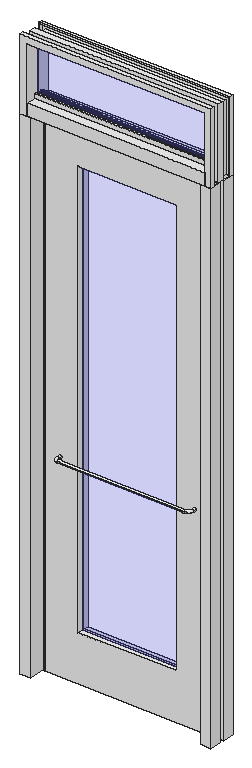
Revit family "kawneer-560_insulclad-sgl_tran-fr_20633", category Doors, host Wall, Revit 2015
Parameters
  Water - Static (ASTM E 331) = "product not tested"
  URL = "http://www.kawneer.com/kawneer/north_america/en/product.asp?prod_id=1821"
  Type of Glazing = "insulating"
  Type Comments = "Wide Stile Insulated Swing Door"
  Thermal Transmittance = "< 0.67 BTU/hr/sf/F"
  Sub Category3 = ""
  Sub Category2 = ""
  Sub Category1 = ""
  Sightline = 0"
  Short Description = "Wide Stile Insulated Swing Door"
  Product data url = "https://bimobject.com/kawneerna/product/20617"
  Panel Inserts Material = Glass
  Overall U-Factor = "product not tested"
  Model = "560 Insulclad®"
  Manufacturer Part Number = "560 Insulclad®"
  Manufacturer = "Kawneer"
  Keywords = "Entrance, Door, Swing Door, Thermally Broken Door"
  Hurricane Resistant Tested [instance] = "product not tested"
  Hinging Types = "Offset Pivot, Butt Hinge, Continuous Gear Hinge"
  Height = Door Panel Height + 12"  # 96"
  Wall Closure = By host
  Width = 32"
  Glazing Thickness = 0"
  Glass U-Factor = "product not tested"
  Glass Installtion = "outside"
  Glass Capture = "Captured"
  Function (Interior or Exterior) = "Exterior"
  Function = Interior
  Frame Material = Aluminum - ASTM B 221 - 6063-T6 alloy and temper
  Door Panel Width = Width - (1 3/4" * 2)  # 28 1/2"
  Door Panel Material = Aluminum - ASTM B 221 - 6063-T6 alloy and temper
  Door Panel Height = 84"
  Door Opening = Door Panel Width  # 28 1/2"
  Door Corner Construction = "Welded"
  Design Pressure = "n/a"
  Design Load = "n/a"
  Description = "The \"560 Insulclad\" is a narrow stile entrance door that is thermally broken and features the dual moment corner construction."
  Depth = 2"
  Color = "any"
  Cladding Type = "Aluminum - ASTM B 221 - 6063-T6 alloy and temper"
  CSI Masterformat Code = "08 41 13"
  Assembly Code = "B2030110"
  Application = "moderate traffic, thermal"
  Air Infiltration (ASTM E 283) = "< 0.50 cfm/ft2  @ 6.24 psf (300 Pa), Single Doors,"
  2-Color Option = "yes"
Reference planes
  plane 1 "Centre Wall": y = 0
  plane 2 "Center (Left/Right)": x = 0
  plane 3 "Left": x = -406.4
  plane 4 "Right": x = 406.4
  plane 5: z = 2438.4
  plane 6 "Exterior": y = 75
  plane 7 "Interior": y = -75
  plane 8: z = 2133.6
  plane 9: x = -377.825
  plane 10: x = 377.825
Forms (mm)
  Sweep 1, solid, material "Aluminum - ASTM B 221 - 6063-T6 alloy and temper" <- "Door Panel Material"
    path origin (0, 0, 50.8) x (1, 0, 0) y (0, 0, 1)
      loop
        line (377.825, 2133.6) -> (-377.825, 2133.6)
    profile "TLMidFrame : TLMidFrame" origin (0, 0, 2184.4) x (0, 0, -1) y (0, -1, 0)
      loop
        line (5, 52.15) -> (5, -52.15) -> (45.8, -52.15) -> (45.8, 52.15) -> (5, 52.15)
      loop
        arc (-13.041, -8.796) -> (-14.742, -11.787) -> (-17.973, -12.971) r 5
        line (-17.973, -12.971) -> (-17.973, -14.55) -> (0, -14.55) -> (0, -5.272)
        arc (0, -5.272) -> (-6.307, -7.826) -> (-13.041, -8.796) r 28.226
      loop
        arc (-17.973, 10.971) -> (-14.973, 7.971) -> (-17.973, 4.971) r 3
        line (-17.973, 4.971) -> (-17.973, 3)
        arc (-17.973, 3) -> (-14.756, 4.043) -> (-12.781, 6.788) r 5.429
        arc (-12.781, 6.788) -> (-6.143, 5.7) -> (0, 2.959) r 26.226
        line (0, 2.959) -> (0, -2.959)
        arc (0, -2.959) -> (-6.143, -5.7) -> (-12.781, -6.788) r 26.226
        arc (-12.781, -6.788) -> (-14.756, -4.043) -> (-17.973, -3) r 5.429
        line (-17.973, -3) -> (-17.973, -4.971)
        arc (-17.973, -4.971) -> (-14.973, -7.971) -> (-17.973, -10.971) r 3
        line (-17.973, -10.971) -> (-19.973, -10.971) -> (-19.973, -17.05) -> (0, -17.05) -> (0, -57.15) -> (50.8, -57.15) -> (50.8, -6.35) -> (60.8, -6.35) -> (60.8, -1.35) -> (50.8, -1.35) -> (50.8, 57.15) -> (0, 57.15) -> (0, 17.05) -> (-19.973, 17.05) -> (-19.973, 10.971) -> (-17.973, 10.971)
      loop
        arc (-17.973, 12.971) -> (-14.742, 11.787) -> (-13.041, 8.796) r 5
        arc (-13.041, 8.796) -> (-6.307, 7.826) -> (0, 5.272) r 28.226
        line (0, 5.272) -> (0, 14.55) -> (-17.973, 14.55) -> (-17.973, 12.971)
  Sweep 2, solid, material "Aluminum - ASTM B 221 - 6063-T6 alloy and temper" <- "Door Panel Material"
    path origin (0, 0, 0) x (1, 0, 0) y (0, 0, 1)
      loop
        line (-406.4, 2133.6) -> (-406.4, 2438.4) -> (406.4, 2438.4) -> (406.4, 2133.6)
    profile "TLTPFrame : TLTPFrame" origin (406.4, 0, 2286) x (1, 0, 0) y (0, -1, 0)
      loop
        line (-23.575, 11) -> (-23.575, 52.125) -> (-5, 52.125) -> (-5, 42.125) -> (0, 42.125) -> (0, 57.125) -> (-28.575, 57.125) -> (-28.575, 6) -> (-11.325, 6) -> (-11.325, -6) -> (-28.575, -6) -> (-28.575, -57.175) -> (0, -57.175) -> (0, -42.175) -> (-5, -42.175) -> (-5, -52.175) -> (-23.575, -52.175) -> (-23.575, -11) -> (-6.325, -11) -> (-6.325, 11) -> (-23.575, 11)
  Extrusion 3, solid, material "Glass" <- "Panel Inserts Material"
    sketch origin (0, 0, 0) x (1, 0, 0) y (0, 1, 0)
      loop
        line (-395.075, 6) -> (-395.075, -6) -> (395.075, -6) -> (395.075, 6) -> (-395.075, 6)
    from 2184.4 to 2427.075
  Sweep 4, solid, material "Aluminum - ASTM B 221 - 6063-T6 alloy and temper" <- "Frame Material"
    path origin (-5000, 0, 0) x (-1, 0, 0) y (0, 0, 1)
      loop
        line (-4593.6, 2133.6) -> (-4593.6, 0)
    profile "TF450Frame : TF450Frame" origin (-406.4, 0, 1066.8) x (-1, 0, 0) y (0, 1, 0)
      loop
        line (-54.5, 13.375) -> (-54.5, 8.375) -> (-44.5, 8.375) -> (-44.5, -57.125) -> (0, -57.125) -> (0, -12.125) -> (-17.25, -12.125) -> (-17.25, 12.125) -> (0, 12.125) -> (0, 57.175) -> (-44.5, 57.175) -> (-44.5, 13.375) -> (-54.5, 13.375)
      loop
        line (-5, 17.125) -> (-5, 52.175) -> (-39.5, 52.175) -> (-39.5, -52.125) -> (-5, -52.125) -> (-5, -17.125) -> (-22.25, -17.125) -> (-22.25, 17.125) -> (-5, 17.125)
  Sweep 5, solid, material "Aluminum - ASTM B 221 - 6063-T6 alloy and temper" <- "Frame Material"
    path origin (5000, 0, 0) x (1, 0, 0) y (0, 0, -1)
      loop
        line (-4593.6, -2133.6) -> (-4593.6, 0)
    profile "TF450Frame : TF450Frame" origin (406.4, 0, 1066.8) x (-1, 0, 0) y (0, 1, 0)
      loop
        line (54.5, 13.375) -> (44.5, 13.375) -> (44.5, 57.175) -> (0, 57.175) -> (0, 12.125) -> (17.25, 12.125) -> (17.25, -12.125) -> (0, -12.125) -> (0, -57.125) -> (44.5, -57.125) -> (44.5, 8.375) -> (54.5, 8.375) -> (54.5, 13.375)
      loop
        line (5, 17.125) -> (22.25, 17.125) -> (22.25, -17.125) -> (5, -17.125) -> (5, -52.125) -> (39.5, -52.125) -> (39.5, 52.175) -> (5, 52.175) -> (5, 17.125)
Lines and regions (mm)
  Opening 1
    outline origin (-3050, -75, 0) x (1, 0, 0) y (0, 0, 1)
      loop
        line (2643.6, 0) -> (3456.4, 0) -> (3456.4, 2438.4) -> (2643.6, 2438.4) -> (2643.6, 0)
  symbolic lines
    curve 1: line (-361.9, 781.075, 0) -> (-311.1, 781.075, 0)
    curve 2: line (-361.9, 57.175, 0) -> (-361.9, 781.075, 0)
    curve 3: line (-311.1, 57.175, 0) -> (-361.9, 57.175, 0)
    curve 4: line (-311.1, 781.075, 0) -> (-311.1, 57.175, 0)
    curve 5: arc (-311.1, 781.075, 0) -> (168.89, 552.022, 0) -> (363.78, 57.175, 0) r 725.68
Text (mm)
  text "Exterior" at (-2295.016, 1099.543, 0), in view "Ref. Level"
  text "Exterior" at (0, 1615.38, 3698.081), in view "Left"
  text "Exterior" at (0, 1036.032, 3874.932), in view "Right"
Dimensions and locks
  equal spacing: plane 3 "Left", plane 2 "Center (Left/Right)", plane 4 "Right"
  "Width": plane 3 "Left" to plane 4 "Right"
  "Height": plane 5 to host wall
  host wall to plane 5 = 96"
  "Door Panel Height": host wall to plane 8
  locked: plane 6 "Exterior" to host wall at 0
  locked: plane 7 "Interior" to host wall
  locked: plane 3 "Left" to plane 9 at 28.575
  locked: plane 10 to plane 4 "Right" at 28.575
  "Depth": curve 2 to curve 4
  "Door Panel Width": Sweep 4 to curve 1
  aligned and locked: plane 3 "Left" to Opening 1 sketch curve
  aligned and locked: plane 5 to Opening 1 sketch curve  (x2)
  aligned and locked: Opening 1 sketch curve to plane 4 "Right"
  aligned and locked: Opening 1 sketch curve to level
  aligned and locked: plane 1 "Centre Wall" to host wall
  aligned and locked: plane 10 to Sweep 1 sketch curve
  aligned and locked: plane 9 to Sweep 1 sketch curve
  aligned and locked: Sweep 1 to plane 8
  aligned and locked: nested 1 to plane 2 "Center (Left/Right)"
  aligned and locked: plane 4 "Right" to Sweep 2 sketch curve
  aligned and locked: plane 3 "Left" to Sweep 2 sketch curve
  aligned and locked: plane 5 to Sweep 2 sketch curve
  aligned and locked: plane 9 to Sweep 2
  aligned and locked: plane 10 to Sweep 2
  aligned and locked: Extrusion 3 sketch curve to Sweep 2  (x4)
  aligned and locked: Extrusion 3 to Sweep 2
  aligned and locked: Extrusion 3 to Sweep 1
  aligned and locked: plane 8 to Sweep 2 sketch curve  (x2)
  aligned and locked: plane 8 to Sweep 4 sketch curve
  aligned and locked: level to Sweep 4 sketch curve
  aligned and locked: plane 3 "Left" to Sweep 4 sketch curve
  aligned and locked: plane 4 "Right" to Sweep 5 sketch curve
  aligned and locked: plane 8 to Sweep 5 sketch curve
  aligned and locked: level to Sweep 5 sketch curve
  aligned and locked: curve 3 to Sweep 4
  aligned and locked: Sweep 4 to curve 2
  aligned and locked: curve 5 to nested 1
Automatic sketch dimensions
  plane 8 to Sweep 1 sketch curve = 2"
  curve 5 to curve 2 = 0"
Nested families
  nested 1: "Kawneer-560_Insulclad-Sgl" at (-310.356, -18.225, 0) x (-1, 0, 0) z (0, 0, 1), type "Kawneer-560_Insulclad-Sgl"
    with Width 28 1/2", Door Handle Width 22 1/2"
Definition of nested family "Kawneer-560_Insulclad-Sgl"
  Parameters
    Width = 32"
    Water - static (ASTM E 331) = ""
    Type of Glazing = ""
    Thermal transmittance = ""
    Sub Category3 = ""
    Sub Category2 = ""
    Sub Category1 = ""
    Short Description = ""
    Performance standards = ""
    Panel Inserts Material = none
    Overall U-Factor = ""
    Mfr Part Num = ""
    Manufacturer = "Kawneer"
    Keywords = ""
    Hurricane Resistant Tested = ""
    Hinging Types = ""
    Height = 84"
    Glass capture = ""
    Glass U-Factor = ""
    Glass Installtion = ""
    Function (Interior or Exterior) = ""
    Door Panel Material = none
    Door Hangle Material = none
    Door Hangle Height = 33 25/256"
    Door Handle Width = Width - (3" * 2)  # 26"
    Door Corner Construction = ""
    Design load = ""
    Design Pressure = ""
    Depth = 2"
    Color = ""
    Cladding Type = ""
    CSI Mastformat Code = ""
    Assembly Code = "B2030110"
    Application = ""
    Air Infiltration (ASTM E 283) = ""
    2-Color Option = ""
  Reference planes
    plane 1 "Center (Front/Back)": y = -50
    plane 2: z = 0
    plane 3 "Center (Left/Right)": x = -310.356
    plane 4: x = -716.756
    plane 5: x = 96.044
    plane 6: y = -24.6
    plane 7: y = -75.4
    plane 8: z = 2133.6
    plane 9: z = 840.68
    plane 10: x = -564.356
    plane 11: x = -56.356
    plane 12: x = -640.556
  Forms (mm)
    Extrusion 1, solid, material <- "Panel Inserts Material"
      sketch origin (0, 0, 0) x (1, 0, 0) y (0, 1, 0)
        loop
          line (-569.317, -44.582) -> (-569.317, -55.418) -> (-51.395, -55.418) -> (-51.395, -44.582) -> (-569.317, -44.582)
      from 191.889 to 1978.661
    Sweep 2, solid, material <- "Door Panel Material"
      path origin (0, -50, 0) x (1, 0, 0) y (0, 0, 1)
        loop
          line (-716.756, 2133.6) -> (-716.756, 0)
      profile "IC560 Side : IC560 Side" origin (-716.756, -50, 1066.8) x (1, 0, 0) y (0, -1, 0)
        loop
          line (122, -20.4) -> (122, 20.439) -> (4.961, 20.439) -> (4.961, -20.4) -> (122, -20.4)
        loop
          line (152.4, 25.4) -> (0, 25.4) -> (0, -25.4) -> (152.4, -25.4) -> (152.4, -5.418) -> (147.439, -5.418) -> (147.439, -20.4) -> (127, -20.4) -> (127, 20.4) -> (147.439, 20.4) -> (147.439, 5.418) -> (152.4, 5.418) -> (152.4, 25.4)
    Sweep 3, solid, material <- "Door Panel Material"
      path origin (0, -50, 0) x (1, 0, 0) y (0, 0, 1)
        loop
          line (96.044, 2133.6) -> (96.044, 0)
      profile "IC560 Side : IC560 Side" origin (96.044, -50, 1066.8) x (1, 0, 0) y (0, -1, 0)
        loop
          line (-122, 20.4) -> (-122, -20.439) -> (-4.961, -20.439) -> (-4.961, 20.4) -> (-122, 20.4)
        loop
          line (-152.4, -25.4) -> (0, -25.4) -> (0, 25.4) -> (-152.4, 25.4) -> (-152.4, 5.418) -> (-147.439, 5.418) -> (-147.439, 20.4) -> (-127, 20.4) -> (-127, -20.4) -> (-147.439, -20.4) -> (-147.439, -5.418) -> (-152.4, -5.418) -> (-152.4, -25.4)
    Sweep 4, solid, material <- "Door Panel Material"
      path origin (0, -50, 0) x (1, 0, 0) y (0, 0, 1)
        loop
          line (-564.356, 2133.6) -> (-56.356, 2133.6)
      profile "IC560 Top : IC560 Top" origin (-310.356, -50, 2133.6) x (0, 0, 1) y (0, -1, 0)
        loop
          line (-122, 20.4) -> (-122, -20.439) -> (-15, -20.439) -> (-15, 20.4) -> (-122, 20.4)
        loop
          line (-127, -20.4) -> (-154.939, -20.4) -> (-154.939, -5.418) -> (-159.9, -5.418) -> (-159.9, -25.4) -> (0, -25.4) -> (0, -20.4) -> (-10, -20.4) -> (-10, 20.4) -> (0, 20.4) -> (0, 25.4) -> (-159.9, 25.4) -> (-159.9, 5.418) -> (-154.939, 5.418) -> (-154.939, 20.4) -> (-127, 20.4) -> (-127, -20.4)
    Sweep 5, solid, material <- "Door Panel Material"
      path origin (0, -50, 0) x (1, 0, 0) y (0, 0, 1)
        loop
          line (-564.356, 0) -> (-56.356, 0)
      profile "IC560 Bottom : IC560 Bottom" origin (-310.356, -50, 0) x (0, 0, 1) y (0, -1, 0)
        loop
          line (158.95, -20.4) -> (158.95, 20.439) -> (15, 20.439) -> (15, -20.4) -> (158.95, -20.4)
        loop
          line (163.95, 20.4) -> (191.889, 20.4) -> (191.889, 5.418) -> (196.85, 5.418) -> (196.85, 25.4) -> (0, 25.4) -> (0, 20.4) -> (10, 20.4) -> (10, -20.4) -> (0, -20.4) -> (0, -25.4) -> (196.85, -25.4) -> (196.85, -5.418) -> (191.889, -5.418) -> (191.889, -20.4) -> (163.95, -20.4) -> (163.95, 20.4)
  Cuts and joins
    joined: Sweep 2, Sweep 3, Sweep 4, Sweep 5
  Dimensions and locks
    equal spacing: plane 4, plane 3 "Center (Left/Right)", plane 5
    equal spacing: plane 6, plane 1 "Center (Front/Back)", plane 7
    "Depth": plane 6 to plane 7
    "Width": plane 4 to plane 5
    "Height": plane 8 to level
    "Door Hangle Height": plane 9 to level
    locked: plane 4 to plane 10 at 152.4
    locked: plane 11 to plane 5 at 152.4
    locked: plane 4 to plane 12 at 76.2
    aligned and locked: plane 7 to nested 1
    aligned and locked: plane 9 to nested 1
    aligned and locked: nested 2 to plane 6
    aligned and locked: nested 2 to plane 9
    aligned and locked: plane 12 to nested 1
    aligned and locked: plane 8 to Sweep 2 sketch curve
    aligned and locked: level to Sweep 2 sketch curve
    aligned and locked: plane 8 to Sweep 3 sketch curve
    aligned and locked: level to Sweep 3 sketch curve
    aligned and locked: plane 10 to Sweep 4 sketch curve
    aligned and locked: plane 11 to Sweep 4 sketch curve
    aligned and locked: cut or joined group of Sweep 2, Sweep 3, Sweep 4, Sweep 5 to Extrusion 1
    aligned and locked: plane 10 to Sweep 5 sketch curve
    aligned and locked: plane 11 to Sweep 5 sketch curve
    aligned and locked: Sweep 5 to Extrusion 1
  Automatic sketch dimensions
    Extrusion 1 sketch curve to plane 10 = 25/128"
    plane 1 "Center (Front/Back)" to Extrusion 1 sketch curve = 0.21331"
    Extrusion 1 sketch curve to plane 1 "Center (Front/Back)" = 0.21331"
    Extrusion 1 sketch curve to plane 11 = 25/128"
    Sweep 2 sketch curve to plane 4 = 0"
    Sweep 3 sketch curve to plane 5 = 0"
    Sweep 4 sketch curve to plane 8 = 0"
    Sweep 5 sketch curve to level = 0"
  Nested families
    nested 1: "Style CO 9 Pull" at (-678.591, -75.4, 612.08), type "Style CO 9 Pull"
    nested 2: "Style CP II Push Bar" at (-260.356, -24.6, 840.68), type "Style CP II Push Bar"
      with Width 26"
  Definition of nested family "Style CO 9 Pull"
    Parameters
      Width = 1.1811"
      Height = 9"
      Hangle Material = none
      Depth = 1.1811"
    Reference planes
      plane 1 "Center (Front/Back)": y = 0
      plane 2: z = 0
      plane 3 "Center (Left/Right)": x = 53.034
      plane 4: y = -30
      plane 5: x = 38.034
      plane 6: x = 68.034
      plane 7: x = 46.034
      plane 8 "Top": z = 228.6
      plane 9: x = 60.034
      plane 10: z = 220.6
      plane 11: z = 8
    Forms (mm)
      Sweep 1, solid, material <- "Hangle Material"
        path origin (0, 0, 0) x (1, 0, 0) y (0, 1, 0)
          loop
            line (38.034, 0) -> (38.034, -23)
            arc (38.034, -23) -> (40.085, -27.95) -> (45.034, -30) r 7
            line (45.034, -30) -> (60.034, -30)
        profile origin (38.034, -11.5, 0) x (1, 0, 0) y (0, 0, 1)
          loop
            circle (0, 0) r 5
      Sweep 2, solid, material <- "Hangle Material"
        path origin (0, 0, 228.6) x (-1, 0, 0) y (0, -1, 0)
          loop
            line (-38.034, 0) -> (-38.034, 23)
            arc (-38.034, 23) -> (-40.085, 27.95) -> (-45.034, 30) r 7
            line (-45.034, 30) -> (-60.034, 30)
        profile origin (38.034, -11.5, 228.6) x (1, 0, 0) y (0, 0, 1)
          loop
            circle (0, 0) r 5
      Sweep 3, solid, material <- "Hangle Material"
        path origin (-1540.712, -30, 1200) x (-1, 0, 0) y (0, 0, 1)
          loop
            arc (-1600.747, -1200) -> (-1606.404, -1197.657) -> (-1608.747, -1192) r 8
            line (-1608.747, -1192) -> (-1608.747, -979.4)
            arc (-1608.747, -979.4) -> (-1606.404, -973.743) -> (-1600.747, -971.4) r 8
        profile origin (68.034, -30, 114.3) x (1, 0, 0) y (0, 1, 0)
          loop
            circle (0, 0) r 5
    Cuts and joins
      joined: Sweep 1, Sweep 2, Sweep 3
    Dimensions and locks
      "Depth": plane 4 to plane 1 "Center (Front/Back)"
      equal spacing: plane 5, plane 3 "Center (Left/Right)", plane 6
      locked: plane 5 to plane 7 at 8
      "Width": plane 5 to plane 6
      "Height": plane 8 "Top" to level
      locked: plane 9 to plane 6 at 8
      locked: level to plane 11 at 8
      locked: plane 10 to plane 8 "Top" at 8
      aligned and locked: Sweep 1 sketch curve to plane 5
      aligned and locked: Sweep 1 sketch curve to plane 4
      aligned and locked: plane 1 "Center (Front/Back)" to Sweep 1 sketch curve
      aligned and locked: plane 9 to Sweep 1 sketch curve
      aligned and locked: Sweep 2 sketch curve to plane 5
      aligned and locked: Sweep 2 sketch curve to plane 4
      aligned and locked: plane 1 "Center (Front/Back)" to Sweep 2 sketch curve
      aligned and locked: plane 9 to Sweep 2 sketch curve
      aligned and locked: plane 6 to Sweep 3 sketch curve  (x2)
      aligned and locked: plane 10 to Sweep 3 sketch curve
      aligned and locked: plane 11 to Sweep 3 sketch curve
      aligned and locked: plane 9 to Sweep 3 sketch curve  (x2)
      aligned and locked: plane 8 "Top" to Sweep 3 sketch curve
      aligned and locked: level to Sweep 3 sketch curve
      aligned and locked: plane 4 to Sweep 3 sketch curve
    Automatic sketch dimensions
      Sweep 1 sketch curve to plane 7 = 0.03937"
      Sweep 1 sketch curve to level = 0"
      Sweep 1 sketch curve to profile plane = 0"
      Sweep 2 sketch curve to plane 7 = 0.03937"
      Sweep 2 sketch curve to plane 8 "Top" = 0"
      Sweep 2 sketch curve to profile plane = 0"
      radius of Sweep 1 sketch curve = 0.19685"
      radius of Sweep 2 sketch curve = 0.19685"
      radius of Sweep 3 sketch curve = 0.19685"
  Definition of nested family "Style CP II Push Bar"
    Parameters
      Width = 28"
      Hangle Material = none
      Depth = 1.1811"
    Reference planes
      plane 1 "Center (Front/Back)": y = 0
      plane 2: z = 0
      plane 3 "Center (Left/Right)": x = -50
      plane 4: x = -405.6
      plane 5: x = 305.6
      plane 6: y = -30
      plane 7: z = 0
    Forms (mm)
      Sweep 1, solid, material <- "Hangle Material"
        path origin (0, 0, 0) x (1, 0, 0) y (0, 1, 0)
          loop
            line (-405.6, 0) -> (-405.6, -15)
            arc (-405.6, -15) -> (-401.207, -25.607) -> (-390.6, -30) r 15
            line (-390.6, -30) -> (290.6, -30)
            arc (290.6, -30) -> (301.207, -25.607) -> (305.6, -15) r 15
            line (305.6, -15) -> (305.6, 0)
        profile origin (-50, -30, 0) x (0, 1, 0) y (0, 0, 1)
          loop
            circle (0, 0) r 5
    Dimensions and locks
      "Depth": plane 6 to plane 1 "Center (Front/Back)"
      equal spacing: plane 4, plane 3 "Center (Left/Right)", plane 5
      "Width": plane 4 to plane 5
      aligned and locked: Sweep 1 sketch curve to plane 5
      aligned and locked: plane 1 "Center (Front/Back)" to Sweep 1 sketch curve  (x2)
      aligned and locked: Sweep 1 sketch curve to plane 4
      aligned and locked: level to plane 7
    Automatic sketch dimensions
      Sweep 1 sketch curve to level = 0"
      Sweep 1 sketch curve to profile plane = 0"
      Sweep 1 sketch curve to plane 6 = 0"
      plane 4 to Sweep 1 sketch curve = 0.59055"
      plane 1 "Center (Front/Back)" to Sweep 1 sketch curve = 0.59055"
      radius of Sweep 1 sketch curve = 0.19685"
